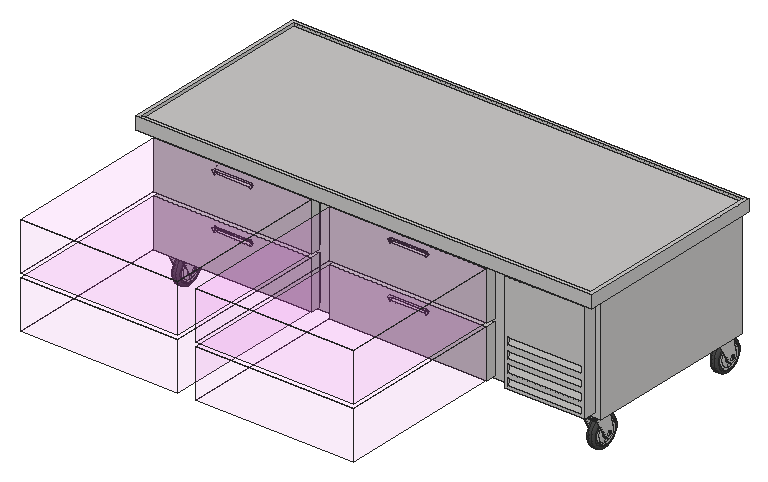
Revit family "QF_Kelvinator_738312_KCHCB72R", category Specialty Equipment, Revit 2021
Family settings
  Round Connector Dimension = Use Diameter
  Part Type = Normal
  Work Plane-Based = No
  Always vertical = Yes
  Cut with Voids When Loaded = No
  Shared = No
  Room Calculation Point = No
Parameters
  Weight in Pounds = 632.727
  Weight = 130.00 lbm
  Watts = 0 W
  Volts = 115 V
  URL Manufacturer = "KELVINATOR"
  URL Cutsheet = ""
  URL = "KELVINATOR"
  Specification by User = ""
  Specification by Manufacturer = ""
  Serial Number = ""
  Seismic Rating = ""
  SMACNA No = ""
  Revision Code = ""
  Refrigerant Type = "R290"
  Phase = 1
  Number of Poles = 1
  NAFEM Spec ID Number = ""
  Model = "KCHCB72R"
  Min Ckt Ampacity = 0 A
  Max Overcurrent Protection = 0 A
  Masterspec = ""
  Manufacturer = "Kelvinator"
  Length Actual = 1880"
  Length = 74"
  Item Number = "738312"
  Installed By = ""
  Identify Quantity as Lot = yes
  Height Actual = 660"
  Height = 26"
  HP = "0.3 HP"
  Gas KW = 0
  Furnished By = ""
  Foodservice Equipment Identifier = yes
  FL Amps = 2.1 A
  Electrical Remarks = ""
  Electric Connection Type = ""
  Elec Conn RI Height = 0"
  Elec Conn Connection Height = 0"
  Description = "4-DRAWER CHEF BASE REFRIGERATOR 74\" LONG"
  Depth Actual = 810"
  Depth = 31 7/8"
  Default Elevation = 0"
  Cycle = 60 Hz
  Conn Plug = "5-15P"
  Conn Conduit = yes
  CSI MasterFormat = ""
  Apparent Power = 0 VA
  Accessory = no
Reference planes (in)
  plane 1 "BACK": y = 0
  plane 2: z = 0
  plane 3 "LEFT": x = 0
  plane 4 "RIGHT": x = 74
  plane 5 "FRONT": y = -31.875
  plane 6 "TOP": z = 26
  plane 7 "Center Y": x = 37
  plane 8 "Center X": y = -15.9375
Dimensions and locks (in)
  equal spacing: plane 3 "LEFT", plane 7 "Center Y", plane 4 "RIGHT"
  "Length": plane 3 "LEFT" to plane 4 "RIGHT"
  equal spacing: plane 5 "FRONT", plane 8 "Center X", plane 1 "BACK"
  "Depth": plane 5 "FRONT" to plane 1 "BACK"
  "Height": plane 6 "TOP" to level
  aligned and locked: level to plane 2
Nested families (in)
  nested 1: "Family2" at (0, 0, 0), type "Family2"
    with Show Clearance yes
Connectors (in)
  electrical at (36.98438, -2, 5.5), driven by "Volts", driven by "Watts"
    settings: on nested 1, index 1, voltage 115 V, apparent load 0 VA, apparent load phase1 0 VA, apparent load phase2 0 VA, apparent load phase3 0 VA, power factor 1, load classification "Other", number of poles 1, system type 30, power factor state 1, is connector primary yes, connector utility no, sub classification motor no, connector description ""
Definition of nested family "Family2"
  Parameters (values of type "Family2")
    Weight in Pounds = 0
    URL Cutsheet = ""
    Specification by User = ""
    Specification by Manufacturer = ""
    Show Clearance [instance] = yes
    Serial Number = ""
    Seismic Rating = ""
    SMACNA No = ""
    Revision Code = ""
    NAFEM Spec ID Number = ""
    Masterspec = ""
    Length = 74"
    Item Number = ""
    Installed By = ""
    Identify Quantity as Lot = yes
    Height = 26"
    Furnished By = ""
    Foodservice Equipment Identifier = yes
    Depth = 31 7/8"
    Default Elevation = 0"
    CSI MasterFormat = ""
  Reference planes (in)
    plane 1 "BACK": y = 0
    plane 2: z = 0
    plane 3 "LEFT": x = 0
    plane 4 "RIGHT": x = 74
    plane 5 "FRONT": y = -31.875
    plane 6 "TOP": z = 26
    plane 7 "Center Y": x = 37
    plane 8 "Center X": y = -15.9375
    plane 9: x = 0.96875
    plane 10: x = 73
    plane 11: x = 2
    plane 12: x = 27.6
    plane 13: x = 72
    plane 14: x = 59
    plane 15: z = 15.1
    plane 16: z = 23
    plane 17: z = 6
    plane 18: z = 24
    plane 19: y = -28.7
    plane 20: y = -57.9
    plane 21: x = 0.5
    plane 22: x = 73.5
    plane 23: z = 14.6
    plane 24: z = 6.7
    plane 25: x = 71.5
    plane 26: x = 59.5
    plane 27: x = 70.75
    plane 28: x = 3.25
    plane 29: x = 30.5375
  Forms (in)
    Extrusion 1, solid
      sketch origin (0.96875, -180, 36.08177) x (0, 0, 1) y (0, -1, 0)
        loop
          line (-12.08177, -151.3) -> (-30.08177, -151.3) -> (-30.08177, -180) -> (-12.08177, -180) -> (-12.08177, -151.3)
      from 0 to 72.03125
    Extrusion 2, solid
      sketch origin (0, 0, 0) x (0, 1, 0) y (0, 0, 1)
        loop
          line (-31.875, 26) -> (-31.875, 24) -> (0, 24) -> (0, 26) -> (-31.875, 26)
      from 0 to 74
    Extrusion 3, void
      sketch origin (0.5, -180, 24.54005) x (0, 0, 1) y (0, -1, 0)
        loop
          line (1.45995, -148.625) -> (0.95995, -148.625) -> (0.95995, -179.5) -> (1.45995, -179.5) -> (1.45995, -148.625)
      from 0 to 73
    Extrusion 4, solid
      sketch origin (0, -28.7, -3.09046) x (0, 0, -1) y (1, 0, 0)
        loop
          line (-26.09046, 59) -> (-9.79046, 59) -> (-9.79046, 72) -> (-26.09046, 72) -> (-26.09046, 59)
      from 0 to 2
    Extrusion 5, void
      sketch origin (71.5, -180, 13.44376) x (0, 0, -1) y (0, -1, 0)
        loop
          line (6.33783, -149.3) -> (6.33783, -148.925) -> (-0.83628, -148.925) -> (-0.83628, -149.7453) -> (0.38717, -149.3) -> (1.16811, -149.3) -> (1.16811, -149.7453) -> (2.39156, -149.3) -> (3.17249, -149.3) -> (3.17249, -149.7453) -> (4.39594, -149.3) -> (5.11438, -149.3) -> (5.11438, -149.7453) -> (6.33783, -149.3)
      from 0 to 12
    Extrusion 6, solid
      sketch origin (0.96875, 0, 6) x (-1, 0, 0) y (0, 1, 0)
        loop
          circle (-36.01563, -2) r 0.25
      from 0 to 0.5
  Cuts and joins
    Extrusion 3 cuts Extrusion 2
    Extrusion 5 cuts Extrusion 4
  Lines and regions (in)
    symbolic lines
      curve 1: line (0, 0, 0) -> (0, -31.875, 0)
      curve 2: line (0, -31.875, 0) -> (74, -31.875, 0)
      curve 3: line (74, -31.875, 0) -> (74, 0, 0)
      curve 4: line (74, 0, 0) -> (0, 0, 0)
      curve 5: line (0.5, -31.375, 0) -> (0.5, -0.5, 0)
      curve 6: line (0.5, -0.5, 0) -> (73.5, -0.5, 0)
      curve 7: line (73.5, -0.5, 0) -> (73.5, -31.375, 0)
      curve 8: line (73.5, -31.375, 0) -> (0.5, -31.375, 0)
  Dimensions and locks (in)
    equal spacing: plane 3 "LEFT", plane 7 "Center Y", plane 4 "RIGHT"
    "Length": plane 3 "LEFT" to plane 4 "RIGHT"
    equal spacing: plane 5 "FRONT", plane 8 "Center X", plane 1 "BACK"
    "Depth": plane 5 "FRONT" to plane 1 "BACK"
    "Height": plane 6 "TOP" to level
    plane 3 "LEFT" to plane 4 "RIGHT" = 74"
    plane 10 to plane 9 = 72 1/32"
    plane 11 to plane 12 = 25.6"
    locked: plane 14 to plane 13 at 13
    plane 16 to plane 15 = 7.9"  (x2)
    plane 6 "TOP" to plane 17 = 20"
    plane 18 to plane 17 = 18"
    plane 19 to plane 1 "BACK" = 28.7"
    plane 5 "FRONT" to plane 1 "BACK" = 31 7/8"
    plane 20 to plane 1 "BACK" = 57.9"
    plane 17 to level = 6"
    locked: plane 4 "RIGHT" to plane 10 at 1
    locked: plane 4 "RIGHT" to plane 22 at 0.5
    plane 23 to plane 24 = 7.9"
    locked: plane 13 to plane 4 "RIGHT" at 2
    locked: plane 13 to plane 25 at 0.5
    locked: plane 14 to plane 26 at 0.5
    locked: plane 4 "RIGHT" to plane 27 at 3.25
    locked: plane 3 "LEFT" to plane 11 at 2
    aligned and locked: level to plane 2
    aligned and locked: plane 10 to Extrusion 1
    aligned and locked: Extrusion 2 to plane 4 "RIGHT"
    aligned and locked: plane 18 to Extrusion 1
    aligned and locked: plane 22 to cut or joined group of Extrusion 2, Extrusion 3
    aligned and locked: Extrusion 5 to plane 26
    aligned and locked: plane 14 to Extrusion 4
    aligned and locked: Extrusion 4 to plane 13
    aligned and locked: nested 4 to plane 28
    aligned and locked: plane 27 to nested 5
    aligned and locked: nested 6 to plane 28
    aligned and locked: plane 27 to nested 3
    aligned and locked: plane 29 to nested 7
    aligned and locked: plane 29 to nested 8
  Automatic sketch dimensions
    level to Extrusion 1 sketch curve = 6"
    plane 16 to Extrusion 1 sketch curve = 1"
    Extrusion 1 sketch curve to plane 1 "BACK" = 0"
    Extrusion 1 sketch curve to plane 19 = 0"
    Extrusion 2 sketch curve to plane 5 "FRONT" = 0"
    Extrusion 2 sketch curve to plane 1 "BACK" = 0"
    Extrusion 2 sketch curve to plane 18 = 0"
    Extrusion 2 sketch curve to plane 6 "TOP" = 0"
    Extrusion 3 sketch curve to plane 6 "TOP" = 0"
    Extrusion 3 sketch curve to plane 6 "TOP" = 1/2"
    plane 1 "BACK" to Extrusion 3 sketch curve = 1/2"
    Extrusion 3 sketch curve to plane 5 "FRONT" = 1/2"
    plane 13 to Extrusion 4 sketch curve = 0"
    Extrusion 4 sketch curve to plane 16 = 0"
    plane 14 to Extrusion 4 sketch curve = 0"
    Extrusion 4 sketch curve to plane 24 = 0"
    plane 24 to Extrusion 5 sketch curve = 0.40593"
    Extrusion 5 sketch curve to Extrusion 5 sketch curve = 1.22345"  (x3)
    Extrusion 5 sketch curve to Extrusion 5 sketch curve = 0.71843"
    plane 19 to Extrusion 5 sketch curve = 1 71/128"  (x4)
    Extrusion 5 sketch curve to Extrusion 5 sketch curve = 0.78093"  (x2)
    Extrusion 5 sketch curve to plane 23 = 0.31996"
    Extrusion 5 sketch curve to Extrusion 5 sketch curve = 57/128"  (x3)
    Extrusion 5 sketch curve to plane 5 "FRONT" = 1.175"
    Extrusion 5 sketch curve to Extrusion 5 sketch curve = 3/8"
    curve 1 to plane 3 "LEFT" = 0"
    plane 1 "BACK" to curve 3 = 0"
    curve 3 to plane 4 "RIGHT" = 0"
    plane 5 "FRONT" to curve 1 = 0"
    curve 5 to plane 21 = 0"
    curve 8 to plane 22 = 0"
    curve 5 to plane 5 "FRONT" = 1/2"
    plane 1 "BACK" to curve 5 = 1/2"
    Extrusion 1 to Extrusion 6 sketch curve = 2"
    Extrusion 6 sketch curve to Extrusion 1 = 36 1/64"
    radius of Extrusion 6 sketch curve = 1/4"
  Nested families (in)
    nested 1: "Family3" at (2, -28.7, 15.1), Show Clearance <- "Show Clearance", type "Family3"
    nested 2: "Family3" at (2, -28.7, 6.7), Show Clearance <- "Show Clearance", type "Family3"
    nested 3: "6 INCHES 02_CASTER" at (70.75, -26.8125, 0), type "6 INCHES 02_CASTER"
      with Type Mark "", Specification by User "", Show Casters yes, Revision Code "", Item Number "", Installed By "", Identify Quantity as Lot yes, Furnished By "", Foodservice Equipment Identifier yes
    nested 4: "6 INCHES 02_CASTER" at (3.25, -26.8125, 0), type "6 INCHES 02_CASTER"
      with Type Mark "", Specification by User "", Show Casters yes, Revision Code "", Item Number "", Installed By "", Identify Quantity as Lot yes, Furnished By "", Foodservice Equipment Identifier yes
    nested 5: "6 INCHES 02_CASTER" at (70.75, -1.8125, 0), type "6 INCHES 02_CASTER"
      with Type Mark "", Specification by User "", Show Casters yes, Revision Code "", Item Number "", Installed By "", Identify Quantity as Lot yes, Furnished By "", Foodservice Equipment Identifier yes
    nested 6: "6 INCHES 02_CASTER" at (3.25, -1.8125, 0), type "6 INCHES 02_CASTER"
      with Type Mark "", Specification by User "", Show Casters yes, Revision Code "", Item Number "", Installed By "", Identify Quantity as Lot yes, Furnished By "", Foodservice Equipment Identifier yes
    nested 7: "Family3" at (30.5375, -28.7, 15.1), Show Clearance <- "Show Clearance", type "Family3"
    nested 8: "Family3" at (30.5375, -28.7, 6.7), Show Clearance <- "Show Clearance", type "Family3"
  Definition of nested family "Family3"
    Parameters (values of type "Family3")
      Weight in Pounds = 0
      URL Cutsheet = ""
      Specification by User = ""
      Specification by Manufacturer = ""
      Show Clearance [instance] = yes
      Serial Number = ""
      Seismic Rating = ""
      SMACNA No = ""
      Revision Code = ""
      NAFEM Spec ID Number = ""
      Masterspec = ""
      Length = 25.6"
      Item Number = ""
      Installed By = ""
      Identify Quantity as Lot = yes
      Height = 7.9"
      Furnished By = ""
      Foodservice Equipment Identifier = yes
      Depth = 2"
      Default Elevation = 0"
      CSI MasterFormat = ""
    Reference planes (in)
      plane 1 "BACK": y = 0
      plane 2: z = 0
      plane 3 "LEFT": x = 0
      plane 4 "RIGHT": x = 25.6
      plane 5 "FRONT": y = -2
      plane 6 "TOP": z = 7.9
      plane 7 "Center Y": x = 12.8
      plane 8 "Center X": y = -1
      plane 9: y = -29.2
      plane 10: x = 0.3125
      plane 11: x = 25.2875
      plane 12: y = -3.28088
    Forms (in)
      Extrusion 1, solid
        sketch origin (0, 0, 0) x (1, 0, 0) y (0, 0, 1)
          loop
            line (0, 7.9) -> (0, 0) -> (25.6, 0) -> (25.6, 7.9) -> (0, 7.9)
        from 0.55357 to 2
      Extrusion 2, void
        sketch origin (12.8, 6.90541, 47.5625) x (0, -1, 0) y (0, 0, 1)
          loop
            line (8.90541, -41.4125) -> (8.90541, -40.85381) -> (8.53969, -40.48809) -> (8.07278, -40.955) -> (8.24839, -41.4125) -> (8.90541, -41.4125)
        from -3 to 3
      Extrusion 3, solid
        sketch origin (0, -2, 0) x (1, 0, 0) y (0, 0, 1)
          loop
            line (15.61904, 6.70869) -> (15.72024, 6.6075) -> (15.61904, 6.15) -> (15.8, 6.15) -> (16.07615, 6.60514) -> (15.7226, 6.95869) -> (9.8774, 6.95869) -> (9.52385, 6.60514) -> (9.80153, 6.14747) -> (9.98151, 6.14747) -> (9.87976, 6.6075) -> (9.98096, 6.70869) -> (15.61904, 6.70869)
        from 0.10088 to -1
      Extrusion 4, solid, visible <- "Show Clearance"
        sketch origin (0, 0, 0) x (0, 1, 0) y (0, 0, 1)
          loop
            line (-29.2, 7.9) -> (-29.2, 0) -> (-2, 0) -> (-2, 7.9) -> (-29.2, 7.9)
        from 0 to 25.6
      Extrusion 5, solid
        sketch origin (0.3125, -180, 8.89478) x (0, 0, 1) y (0, -1, 0)
          loop
            line (-1.29318, -179.44643) -> (-8.58228, -179.44643) -> (-8.58228, -179.75) -> (-1.29318, -179.75) -> (-1.29318, -179.44643)
        from 0 to 24.975
      Extrusion 6, solid
        sketch origin (0.3125, -179.75, 8.89478) x (0, 0, 1) y (0, -1, 0)
          loop
            line (-1.29318, -179.5) -> (-8.58228, -179.5) -> (-8.58228, -179.75) -> (-1.29318, -179.75) -> (-1.29318, -179.5)
        from 0 to 24.975
    Cuts and joins
      Extrusion 2 cuts Extrusion 1
      Extrusion 2 cuts Extrusion 3
      joined: Extrusion 1, Extrusion 3
    Lines and regions (in)
      symbolic lines, visible <- "Show Clearance"
        curve 1: line (0, -3.28088, 0) -> (0, -29.2, 0)
        curve 2: line (0, -29.2, 0) -> (25.6, -29.2, 0)
        curve 3: line (25.6, -29.2, 0) -> (25.6, -3.28088, 0)
    Dimensions and locks (in)
      equal spacing: plane 3 "LEFT", plane 7 "Center Y", plane 4 "RIGHT"
      "Length": plane 3 "LEFT" to plane 4 "RIGHT"
      equal spacing: plane 5 "FRONT", plane 8 "Center X", plane 1 "BACK"
      "Depth": plane 5 "FRONT" to plane 1 "BACK"
      "Height": plane 6 "TOP" to level
      plane 9 to plane 5 "FRONT" = 27.2"
      locked: plane 11 to plane 4 "RIGHT" at 0.3125
      locked: plane 3 "LEFT" to plane 10 at 0.3125
      aligned and locked: level to plane 2
      aligned and locked: Extrusion 4 to plane 4 "RIGHT"
      aligned and locked: Extrusion 6 to plane 11
      aligned and locked: Extrusion 5 to plane 11
    Automatic sketch dimensions
      Extrusion 1 sketch curve to level = 0"
      Extrusion 1 sketch curve to plane 3 "LEFT" = 0"
      plane 4 "RIGHT" to Extrusion 1 sketch curve = 0"
      Extrusion 1 sketch curve to plane 6 "TOP" = 0"
      Extrusion 2 sketch curve to plane 5 "FRONT" = 0"
      Extrusion 2 sketch curve to plane 5 "FRONT" = 0.36572"
      Extrusion 2 sketch curve to plane 8 "Center X" = 0.34299"
      Extrusion 2 sketch curve to plane 8 "Center X" = 0.16737"
      Extrusion 2 sketch curve to plane 6 "TOP" = 1 3/4"
      Extrusion 2 sketch curve to Extrusion 2 sketch curve = 0.4575"
      Extrusion 2 sketch curve to Extrusion 2 sketch curve = 0.55869"
      Extrusion 3 sketch curve to plane 6 "TOP" = 1.29486"  (x2)
      Extrusion 3 sketch curve to plane 7 "Center Y" = 3.27615"
      Extrusion 3 sketch curve to Extrusion 3 sketch curve = 0.27768"
      Extrusion 3 sketch curve to Extrusion 3 sketch curve = 0.35355"
      Extrusion 3 sketch curve to plane 6 "TOP" = 1.2925"  (x2)
      Extrusion 3 sketch curve to Extrusion 3 sketch curve = 0.00236"
      Extrusion 3 sketch curve to Extrusion 3 sketch curve = 0.10119"  (x2)
      Extrusion 3 sketch curve to Extrusion 3 sketch curve = 0.17998"
      Extrusion 3 sketch curve to plane 6 "TOP" = 1.19131"
      plane 7 "Center Y" to Extrusion 3 sketch curve = 2.81904"
      Extrusion 3 sketch curve to Extrusion 3 sketch curve = 0"
      Extrusion 3 sketch curve to plane 6 "TOP" = 0.94131"
      Extrusion 3 sketch curve to Extrusion 3 sketch curve = 0.10355"
      Extrusion 3 sketch curve to Extrusion 3 sketch curve = 0.18096"
      Extrusion 3 sketch curve to Extrusion 3 sketch curve = 0.35591"
      Extrusion 3 sketch curve to Extrusion 3 sketch curve = 0.4575"
      Extrusion 3 sketch curve to Extrusion 3 sketch curve = 0.46003"
      Extrusion 4 sketch curve to level = 0"
      Extrusion 4 sketch curve to plane 9 = 0"
      Extrusion 4 sketch curve to plane 5 "FRONT" = 0"
      Extrusion 4 sketch curve to plane 6 "TOP" = 0"
      level to Extrusion 5 sketch curve = 5/16"
      Extrusion 5 sketch curve to plane 6 "TOP" = 0.29841"
      plane 1 "BACK" to Extrusion 5 sketch curve = 1/4"
      Extrusion 5 sketch curve to Extrusion 5 sketch curve = 0.30357"
      level to Extrusion 6 sketch curve = 5/16"
      Extrusion 6 sketch curve to plane 6 "TOP" = 0.29841"
      plane 1 "BACK" to Extrusion 6 sketch curve = 0"
      Extrusion 6 sketch curve to Extrusion 6 sketch curve = 1/4"
      curve 1 to plane 3 "LEFT" = 0"
      curve 3 to plane 4 "RIGHT" = 0"
      curve 1 to plane 9 = 0"
      curve 3 to plane 12 = 0"
      curve 1 to plane 12 = 0"
  Definition of nested family "6 INCHES 02_CASTER"
    Parameters (values of type "6 INCHES 02_CASTER")
      Weight = ""
      URL Manufacturer = ""
      URL Cutsheet = ""
      URL = ""
      Type Mark [instance] = ""
      Specification by User [instance] = ""
      Specification by Manufacturer = ""
      Show Casters [instance] = yes
      Serial Number = ""
      Seismic Rating = ""
      SMACNA No = ""
      Revision Code [instance] = ""
      Omniclass Number and Title = ""
      NAFEM Spec ID Number = ""
      Model = ""
      MasterSpec. = ""
      Manufacturer = ""
      Item Number [instance] = ""
      Installed By [instance] = ""
      Identify Quantity as Lot [instance] = yes
      Furnished By [instance] = ""
      Foodservice Equipment Identifier [instance] = yes
      Description = ""
      Default Elevation = 0"
      CSI MasterFormat = ""
      CSI Master Format = ""
    Reference planes (in)
      plane 1 "BACK": y = 0
      plane 2: z = 0
      plane 3 "LEFT": x = 0
      plane 4 "RIGHT": x = 0
      plane 5 "FRONT": y = 0
      plane 6 "TOP": z = 6
    Forms (in)
      Revolve 1, solid, visible <- "Show Casters"
        sketch origin (-2.21793, 0, -0.25) x (-1, 0, 0) y (0, 0, 1)
          loop
            line (-2.21793, 6) -> (-2.21793, 5.55584) -> (-0.93693, 5.55584) -> (-0.93693, 6) -> (-2.21793, 6)
          axis (-2.21793, 5.55584) -> (-2.21793, 6)
        angle from 0 to 360
      Extrusion 2, solid, visible <- "Show Casters"
        sketch origin (0.25594, 2.08988, -0.1875) x (0, 1, 0) y (0, 0, 1)
          loop
            line (-3.37793, 5.49334) -> (-3.37793, 5.24334) -> (-1.67236, 2.30765)
            arc (-1.67236, 2.30765) -> (-0.65502, 1.97635) -> (-0.25363, 2.96812) r 0.78437
            line (-0.25363, 2.96812) -> (-0.80182, 5.49334) -> (-3.37793, 5.49334)
        from 0.78968 to 0.90247
      Extrusion 3, solid, visible <- "Show Casters"
        sketch origin (0, 0, 5.75) x (0, 1, 0) y (-1, 0, 0)
          loop
            circle (0, 0) r 0.75
        from 0 to 0.25
      Extrusion 4, solid, visible <- "Show Casters"
        sketch origin (-0.25594, 2.08988, -0.1875) x (0, 1, 0) y (0, 0, -1)
          loop
            line (-3.37793, -5.24334) -> (-3.37793, -5.49334) -> (-0.80182, -5.49334) -> (-0.25363, -2.96812)
            arc (-0.25363, -2.96812) -> (-0.65502, -1.97635) -> (-1.67236, -2.30765) r 0.78437
            line (-1.67236, -2.30765) -> (-3.37793, -5.24334)
        from 0.78968 to 0.90247
      Extrusion 5, solid, visible <- "Show Casters"
        sketch origin (0, -0.12806, 0.75) x (0, 1, 0) y (0, 0, 1)
          loop
            line (-1.16, 4.55584) -> (-1.16, 4.30584) -> (1.41611, 4.30584) -> (1.41611, 4.55584) -> (-1.16, 4.55584)
        from -1.04562 to 1.04562
      Revolve 6, solid, visible <- "Show Casters"
        sketch origin (-1.9375, 1.11772, -0.12802) x (1, 0, 0) y (0, 0, 1)
          loop
            line (0.5843, 2.5666) -> (0.5843, 2.4286) -> (0.6343, 2.3786) -> (0.6943, 2.3786) -> (0.6943, 2.2429) -> (1.1725, 2.2429) -> (1.1725, 1.84743) -> (1.30191, 1.77271) -> (1.42647, 1.00302) -> (1.28125, 1.00302) -> (1.28125, 0.75302) -> (1.3125, 0.75302) -> (1.3125, 0.50302)
            arc (1.3125, 0.50302) -> (1.42233, 0.23785) -> (1.6875, 0.12802) r 0.375
            line (1.6875, 0.12802) -> (2.1875, 0.12802)
            arc (2.1875, 0.12802) -> (2.45267, 0.23785) -> (2.5625, 0.50302) r 0.375
            line (2.5625, 0.50302) -> (2.5625, 0.75302) -> (2.59375, 0.75302) -> (2.59375, 1.00302) -> (2.44853, 1.00302) -> (2.57366, 1.77622) -> (2.7025, 1.85061) -> (2.7025, 2.2429) -> (3.1807, 2.2429) -> (3.1807, 2.3786) -> (3.2407, 2.3786) -> (3.2907, 2.4286) -> (3.2907, 2.5666) -> (0.5843, 2.5666)
          axis (0.5843, 2.5666) -> (3.2907, 2.5666)
        angle from 0 to 360
    Cuts and joins
      joined: Extrusion 2, Extrusion 4, Extrusion 5
    Lines and regions (in)
      symbolic lines, visible <- "Show Casters"
        curve 1: line (0.45873, 2.04243, 0) -> (1.54127, 1.41743, 0)
        curve 2: line (-1.54127, -1.42167, 0) -> (-0.79127, -0.12263, 0)
        curve 3: line (-0.45873, -2.04667, 0) -> (-1.54127, -1.42167, 0)
        curve 4: line (1.54127, 1.41743, 0) -> (0.79127, 0.11839, 0)
        curve 5: line (-0.29127, 0.74339, 0) -> (0.45873, 2.04243, 0)
        curve 6: line (0.29127, -0.74763, 0) -> (-0.45873, -2.04667, 0)
    Dimensions and locks (in)
      plane 6 "TOP" to level = 6"  (x2)
      aligned and locked: level to plane 2
